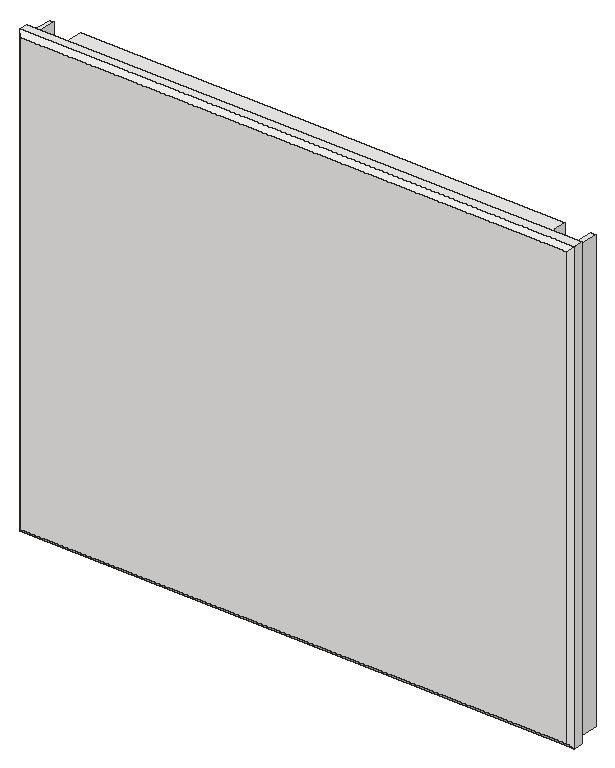
Revit family "Power_Module-Lutron-GRAFIK_Eye-PHPMSW", category Lighting Devices, Revit 2017
Family settings
  Maintain Annotation Orientation = No
  Round Connector Dimension = Use Diameter
  Part Type = Normal
  OmniClass Number = 23.85.80.11.27
  OmniClass Title = Lighting Controls
  Work Plane-Based = Yes
  Always vertical = No
  Cut with Voids When Loaded = No
  Shared = No
  Room Calculation Point = No
Parameters (values of type "PHPM-SW-DV-WH")
  Warranty URL = "http://www.lutron.com/en-US/Service-Support/Pages/Service/Warranty/Warranty.aspx"
  Video Link = "https://www.youtube.com/user/LutronElectronicsInc"
  Version = "2017 - v1.0b"  # constant formula
  URL = "http://www.lutron.com"
  Type Comments = ""
  Support Phone = "(224) 699-9545"  # constant formula
  Support Email = "mailto: support@anguleris.com"
  Series = "GRAFIK Eye QS"
  Product Page URL = "http://www.lutron.com/en-US/Products/Pages/SingleRoomControls/GrafikEyeQS/Overview.aspx"
  Product Name = "Switching Power Module"
  Product Documentation Link = "http://www.lutron.com/TechnicalDocumentLibrary/369-357.pdf"
  Power Module Material = Plastic - Lutron - White
  Performance URL = "http://www.lutron.com/en-US/Service-Support/Pages/Technical/PerfomanceSpecs.aspx"
  Overall Width = 0' - 6 77/256"
  Overall Height = 0' - 5 13/128"
  Overall Depth = 0' - 1 77/128"
  Number of Poles = 1
  Model = "PHPM-SW-DV-WH"
  Manufacturer Phone Number = "610-282-3800"  # constant formula
  Manufacturer Fax Number = "610-282-1243"  # constant formula
  Manufacturer Email = "mailto:support@lutron.com"
  Manufacturer Address = "7200 Suter Rd, Coopersburg, PA 18036"  # constant formula
  Manufacturer = "Lutron Electronics Co., Inc"  # constant formula
  Load Voltage = 277 V
  Load Classification = Lighting
  Label = "PM"
  Keynote = ""
  Instruction Sheet Link = "http://www.lutron.com/TechnicalDocumentLibrary/032479.pdf"
  Graphic Symbol Visibility [instance] = not(Annotation Symbol Visibility)  # no
  Description = "Switching Power Module"
  Default Elevation = 4' - 0"
  Cost Info = "mailto:sales@lutron.com"
  Cost = 0
  Copyright = "© 2019 Lutron Electronics Co., Inc."  # constant formula
  Control Voltage = 120 V
  Control Power [instance] = 0 VA
  Capacity = 16 A
  Assembly Code = "D5020"
  Annotation Symbol Visibility [instance] = yes
Reference planes (in)
  plane 1 "Center (Front/Back)": y = 0
  plane 2: z = 0
  plane 3 "Center (Left/Right)": x = 0
  plane 4: y = 1.19922
  plane 5: y = -0.40234
  plane 6: x = -3.15039
  plane 7: x = 3.15039
  plane 8: y = -0.25469
  plane 9: z = 5.10156
  plane 10: z = 2.55078
Forms (in)
  Extrusion 1, solid, material "Plastic - Lutron - White" <- "Power Module Material"
    sketch origin (0, 0, 0) x (-1, 0, 0) y (0, -1, 0)
      loop
        line (-3.10039, 0.40234) -> (-3.15039, 0.35234) -> (-3.15039, 0.25469) -> (-3.09961, 0.25469) -> (-3.09961, 0) -> (-3.04883, 0) -> (-3.04883, 0.25469) -> (-2.74805, 0.25469) -> (-2.74805, 0) -> (2.74805, 0) -> (2.74805, 0.25469) -> (3.04883, 0.25469) -> (3.04883, 0) -> (3.09961, 0) -> (3.09961, 0.25469) -> (3.15039, 0.25469) -> (3.15039, 0.35234) -> (3.10039, 0.40234) -> (-3.10039, 0.40234)
    from 0 to 5.10156
  Extrusion 2, solid, material "Plastic - Lutron - White" <- "Power Module Material", detail levels fine
    sketch origin (0, 0, 0) x (-1, 0, 0) y (0, -1, 0)
      loop
        line (-1.72958, 0) -> (-1.72958, -1.19922) -> (-0.40081, -1.19922) -> (-0.1, -0.90873) -> (-0.1, 0) -> (-1.72958, 0)
      loop
        line (0.1, 0) -> (0.1, -0.90873) -> (0.40081, -1.19922) -> (1.7312, -1.19922) -> (1.7312, 0) -> (0.1, 0)
    from 1 to 4.10156
  Extrusion 3, void
    sketch origin (0, 0, 0) x (0, -1, 0) y (0, 0, 1)
      loop
        line (0.35234, 5.10156) -> (0.40234, 5.05156) -> (0.40234, 5.10156) -> (0.35234, 5.10156)
      loop
        line (0.35234, 0) -> (0.40234, 0) -> (0.40234, 0.05) -> (0.35234, 0)
      loop
        line (0, 5.10156) -> (0, 5.05156) -> (0.25469, 5.05156) -> (0.25469, 5.10156) -> (0, 5.10156)
      loop
        line (0, 0) -> (0.25469, 0) -> (0.25469, 0.05) -> (0, 0.05) -> (0, 0)
    from 3.15039 to -3.15039
Cuts and joins
  Extrusion 3 cuts Extrusion 1
Lines and regions (in)
  symbolic lines, detail levels fine
    curve 1: line (3.09961, 0, 0) -> (-3.09961, 0, 0)
    curve 2: line (-3.09961, 0, 0) -> (-3.09961, -0.25469, 0)
    curve 3: line (-3.15039, -0.25469, 0) -> (-3.15039, -0.35234, 0)
    curve 4: line (-3.15039, -0.35234, 0) -> (-3.10039, -0.40234, 0)
    curve 5: line (-3.10039, -0.40234, 0) -> (3.10039, -0.40234, 0)
    curve 6: line (3.10039, -0.40234, 0) -> (3.15039, -0.35234, 0)
    curve 7: line (3.15039, -0.35234, 0) -> (3.15039, -0.25469, 0)
    curve 8: line (3.15039, -0.25469, 0) -> (-3.15039, -0.25469, 0)
    curve 9: line (3.09961, 0, 0) -> (3.09961, -0.25469, 0)
  symbolic lines, visible <- "Graphic Symbol Visibility"
    curve 10: line (-3.15039, 0, 0) -> (3.15039, 0, 0)
    curve 11: line (-3.15039, -0.40234, 0) -> (-3.15039, 0, 0)
    curve 12: line (3.15039, -0.40234, 0) -> (-3.15039, -0.40234, 0)
    curve 13: line (3.15039, 0, 0) -> (3.15039, -0.40234, 0)
Dimensions and locks (in)
  equal spacing: plane 6, plane 3 "Center (Left/Right)", plane 7
  "Overall Width": plane 6 to plane 7
  locked: Extrusion 1 sketch curve to Extrusion 1 sketch curve at 0.07071  (x2)
  "Overall Height": plane 9 to plane 2
  equal spacing: plane 9, plane 10, plane 2
  locked: plane 9 to Extrusion 3 sketch curve at 0.05
  locked: Extrusion 3 sketch curve to plane 2 at 0.05
  equal spacing: Extrusion 1 sketch curve, plane 6, Extrusion 1 sketch curve
  equal spacing: Extrusion 1 sketch curve, plane 7, Extrusion 1 sketch curve
  equal spacing: Extrusion 2, plane 10, Extrusion 2
  locked: Extrusion 2 to Extrusion 2 at 3.10156
  locked: plane 1 "Center (Front/Back)" to plane 4 at 1.19922
  locked: plane 5 to plane 8 at 0.14766
  Extrusion 2 sketch curve to Extrusion 2 sketch curve to Extrusion 2 sketch curve to plane 3 "Center (Left/Right)" to Extrusion 2 sketch curve to Extrusion 2 sketch curve to Extrusion 2 sketch curve = 0' - 1.33039" locked, 0' - 0.30081" locked, 0' - 0.1" locked, 0' - 0.1" locked, 0' - 0.30081" locked, 0' - 1.32877" locked
  plane 1 "Center (Front/Back)" to Extrusion 2 sketch curve to Extrusion 2 sketch curve = 0' - 0.90873" locked, 0' - 0" locked
  "Overall Depth": plane 4 to plane 5
  Extrusion 1 sketch curve to Extrusion 1 sketch curve to Extrusion 1 sketch curve to plane 3 "Center (Left/Right)" to Extrusion 1 sketch curve to Extrusion 1 sketch curve to Extrusion 1 sketch curve = 0' - 0 13/256" locked, 0' - 0 77/256" locked, 0' - 2.74805" locked, 0' - 2.74805" locked, 0' - 0 77/256" locked, 0' - 0 13/256" locked
  aligned and locked: level to plane 2
  aligned and locked: Extrusion 1 sketch curve to plane 1 "Center (Front/Back)"  (x2)
  aligned and locked: plane 8 to Extrusion 1 sketch curve  (x2)
  aligned and locked: Extrusion 1 sketch curve to plane 8  (x2)
  aligned and locked: plane 1 "Center (Front/Back)" to Extrusion 1 sketch curve
  aligned and locked: Extrusion 2 sketch curve to plane 1 "Center (Front/Back)"  (x2)
  aligned and locked: Extrusion 1 to plane 2
  aligned and locked: plane 9 to Extrusion 1
  aligned and locked: plane 9 to Extrusion 3 sketch curve
  aligned and locked: plane 2 to Extrusion 3 sketch curve
  aligned and locked: cut or joined group of Extrusion 1, Extrusion 3 to plane 7
  aligned and locked: cut or joined group of Extrusion 1, Extrusion 3 to plane 6
  aligned and locked: Extrusion 3 sketch curve to plane 9
  aligned and locked: plane 1 "Center (Front/Back)" to Extrusion 3 sketch curve
  aligned and locked: Extrusion 3 sketch curve to Extrusion 3 sketch curve  (x2)
  aligned and locked: Extrusion 3 sketch curve to plane 1 "Center (Front/Back)"
  aligned and locked: Extrusion 3 sketch curve to plane 2
  aligned and locked: Extrusion 2 sketch curve to plane 4  (x2)
  aligned and locked: cut or joined group of Extrusion 1, Extrusion 3 to plane 1 "Center (Front/Back)"
  aligned and locked: nested 1 to plane 3 "Center (Left/Right)"
  aligned and locked: curve 1 to plane 1 "Center (Front/Back)"
  aligned and locked: curve 7 to plane 7
  aligned and locked: curve 3 to plane 6
Automatic sketch dimensions
  Extrusion 1 sketch curve to plane 7 = 0' - 0"
  plane 5 to Extrusion 1 sketch curve = 0' - 0"
  Extrusion 1 sketch curve to plane 6 = 0' - 0"
  Extrusion 3 sketch curve to plane 5 = 0' - 0"  (x2)
  plane 5 to curve 12 = 0' - 0"
  curve 12 to plane 6 = 0' - 0"
  plane 1 "Center (Front/Back)" to curve 10 = 0' - 0"
  curve 10 to plane 7 = 0' - 0"
  plane 5 to curve 5 = 0' - 0"
  curve 11 to curve 5 = 0' - 0.05"
  plane 6 to curve 1 = 0' - 0 13/256"
  curve 9 to curve 10 = 0' - 0 13/256"
  curve 6 to curve 12 = 0' - 0.05"
  curve 3 to plane 5 = 0' - 0.05"
  curve 7 to plane 5 = 0' - 0.05"
  curve 6 to curve 7 = 0' - 0 25/256"
  Extrusion 3 sketch curve to plane 5 = 0' - 0.14766"  (x2)
  Extrusion 3 sketch curve to plane 5 = 0' - 0.05"  (x2)
Nested families (in)
  nested 1: "Power Module" at (0, 0, 0) x (-1, 0, 0) z (0, 0, 1), visible <- "Annotation Symbol Visibility", type "Power Module", detail levels coarse+medium
Connectors (in)
  electrical at (-0.81264, 0.66143, 4.10156), driven by "Load Voltage", driven by "Load Classification", driven by "Number of Poles"
    settings: on Extrusion 2, index 1, voltage 277 V, apparent load 0 VA, apparent load phase1 0 VA, apparent load phase2 0 VA, apparent load phase3 0 VA, power factor 1, load classification "Lighting", number of poles 1, system type 30, power factor state 1, is connector primary yes, connector utility no, sub classification motor no, connector description "Load Power Connection"
  electrical at (0.81199, 0.66143, 4.10156), driven by "Load Classification", driven by "Number of Poles", driven by "Control Voltage", driven by "Control Power"
    settings: on Extrusion 2, index 2, voltage 120 V, apparent load 0 VA, apparent load phase1 0 VA, apparent load phase2 0 VA, apparent load phase3 0 VA, power factor 1, load classification "Lighting", number of poles 1, system type 30, power factor state 1, is connector primary no, connector utility no, sub classification motor no, connector description "Control Power Connection"
Definition of nested family "Power Module"
  Parameters
    Label = "PM"
  Reference planes (in)
    plane 1: y = 0
    plane 2: x = 0
  Lines and regions (in)
    detail lines
      curve 1: line (-0.05859, 0, 0) -> (0.05859, 0, 0)
      curve 2: line (0, 0, 0) -> (0, 0.05583, 0)
      curve 3: circle (0, 0.15544, 0) r 0.09961 normal (0, 0, 1)
  Text (in)
    label "PM" at (-0.00223, 0.1629, 0), shows "Label"
  Dimensions and locks (in)
    radius of curve 3 = 0' - 0.09961"
    aligned and locked: plane 2 to curve 2
    aligned and locked: plane 1 to curve 1
